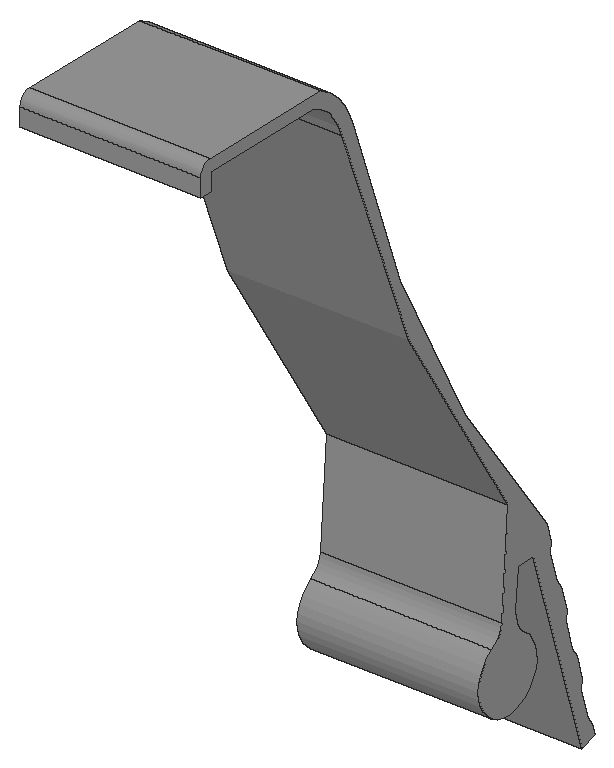
Revit family "Mounting Brackets PPR-05515", category Generic Models, Revit 2017
Family settings
  Can host rebar = No
  Round Connector Dimension = Use Diameter
  Part Type = Normal
  Work Plane-Based = Yes
  Always vertical = No
  Cut with Voids When Loaded = No
  Shared = No
  Room Calculation Point = No
Parameters (values of type "B83-PPR")
  Pendulum Visibility = no
  Pendulum Start = 98.403 mm
  Pendulum Hight [instance] = 250 mm
  PNR-11154 = yes
  Mounting_Material = Aluminum 7175 T73 0 Hot Formed
  Model = "B83-PPR"
  Manufacturer = "Veko Lightsystems"
  Description = "Mounting Brackets"
  Define - Bracket Article Number = "https://www.veko.com/images/documentation/products/profiles/ProfilesEN/Profile_PNR_11154-2.pdf"
  Default Elevation = 1219.2 mm
  Bracket_Width = 15 mm
  Copyright © IVLighting = "www.ivlighting.nl"
  Bracket Article Number = "*User Defined"
  Bolt_Visibility = no
  Bolt_Material = Brass, Soft Yellow, Welded
  Assembly Code = "63.0"
Reference planes
  plane 1 "Center (Front/Back)": y = 0
  plane 2: z = 0
  plane 3 "Center (Left/Right)": x = 0
Forms (mm)
  Extrusion 1, solid, material "Aluminum 7175 T73 0 Hot Formed" <- "Mounting_Material", visible <- "PNR-11154"
    sketch origin (0, 0, -3.531) x (0, 1, 0) y (0, 0, 1)
      loop
        line (8.599, 101.934) -> (-2.831, 101.934)
        arc (-2.831, 101.934) -> (-3.516, 101.651) -> (-3.8, 100.966) r 0.969
        line (-3.8, 100.966) -> (-3.8, 99.473) -> (-2.831, 99.473) -> (-2.831, 100.934) -> (7.898, 100.934)
        arc (7.898, 100.934) -> (9.704, 99.622) -> (10.762, 97.656) r 5.018
        arc (10.762, 97.656) -> (17.725, 79.355) -> (27.991, 62.681) r 104.102
        line (27.991, 62.681) -> (27.316, 54.224)
        arc (27.316, 54.224) -> (27.023, 53.327) -> (26.355, 52.66) r 2.023
        arc (26.355, 52.66) -> (27.835, 47.052) -> (29.677, 52.551) r 3.027
        arc (29.677, 52.551) -> (28.963, 53.402) -> (28.765, 54.495) r 2.167
        line (28.765, 54.495) -> (29.018, 57.667) -> (30.58, 57.667) -> (35.63, 41.261) -> (36.966, 41.672) -> (36.705, 42.617) -> (36.236, 43.276) -> (35.583, 45.642) -> (35.647, 46.447) -> (35.11, 48.395) -> (34.641, 49.053) -> (33.988, 51.419) -> (34.052, 52.224) -> (33.514, 54.172) -> (33.046, 54.83) -> (32.393, 57.196) -> (32.457, 58.001) -> (32.043, 59.501)
        arc (32.043, 59.501) -> (19.929, 77.665) -> (11.919, 97.975) r 102.902
        arc (11.919, 97.975) -> (10.69, 100.316) -> (8.599, 101.934) r 6.218
    from -7.5 to 7.5
  Extrusion 2, solid, visible <- "Pendulum Visibility"
    sketch origin (0, 0, 80.06) x (1, 0, 0) y (0, 1, 0)
      loop
        circle (0, 0) r 1
    from 18.342 to 169.94
Dimensions and locks
  equal spacing: Extrusion 1, plane 3 "Center (Left/Right)", Extrusion 1
  "Bracket_Width": Extrusion 1 to Extrusion 1
  "Pendulum Start": Extrusion 2 to plane 2
  "Pendulum Hight": Extrusion 2 to plane 2
  aligned and locked: level to plane 2
Automatic sketch dimensions
  plane 1 "Center (Front/Back)" to Extrusion 2 sketch curve = 0 mm
  Extrusion 2 sketch curve to plane 3 "Center (Left/Right)" = 0 mm
  Extrusion 1 sketch curve to Extrusion 1 sketch curve = 0 mm  (x9)
  plane 1 "Center (Front/Back)" to Extrusion 1 sketch curve = 3.8 mm
  Extrusion 1 sketch curve to Extrusion 1 sketch curve = 0.969 mm
  Extrusion 1 sketch curve to plane 1 "Center (Front/Back)" = 5.926 mm
  Extrusion 1 sketch curve to Extrusion 1 sketch curve = 1.973 mm
  Extrusion 1 sketch curve to Extrusion 1 sketch curve = 0.701 mm
  Extrusion 1 sketch curve to plane 1 "Center (Front/Back)" = 25.3 mm
  Extrusion 1 sketch curve to Extrusion 1 sketch curve = 2.016 mm
  Extrusion 1 sketch curve to Extrusion 1 sketch curve = 0.617 mm
  Extrusion 1 sketch curve to Extrusion 1 sketch curve = 0.675 mm
  Extrusion 1 sketch curve to Extrusion 1 sketch curve = 1.449 mm
  Extrusion 1 sketch curve to Extrusion 1 sketch curve = 0.253 mm
  Extrusion 1 sketch curve to Extrusion 1 sketch curve = 1.562 mm
  Extrusion 1 sketch curve to Extrusion 1 sketch curve = 2.16 mm
  Extrusion 1 sketch curve to Extrusion 1 sketch curve = 1.463 mm
  Extrusion 1 sketch curve to Extrusion 1 sketch curve = 1.813 mm
  Extrusion 1 sketch curve to Extrusion 1 sketch curve = 0.064 mm  (x3)
  Extrusion 1 sketch curve to Extrusion 1 sketch curve = 2.121 mm
  Extrusion 1 sketch curve to Extrusion 1 sketch curve = 0.468 mm  (x3)
  Extrusion 1 sketch curve to Extrusion 1 sketch curve = 0.473 mm  (x2)
  Extrusion 1 sketch curve to Extrusion 1 sketch curve = 0.653 mm
  Extrusion 1 sketch curve to Extrusion 1 sketch curve = 0.048 mm
  Extrusion 1 sketch curve to Extrusion 1 sketch curve = 0.606 mm
  Extrusion 1 sketch curve to Extrusion 1 sketch curve = 0.261 mm
  Extrusion 1 sketch curve to Extrusion 1 sketch curve = 1 mm
  Extrusion 1 sketch curve to Extrusion 1 sketch curve = 1.461 mm
  Extrusion 1 sketch curve to Extrusion 1 sketch curve = 4.613 mm
  Extrusion 1 sketch curve to Extrusion 1 sketch curve = 33.639 mm
  Extrusion 1 sketch curve to Extrusion 1 sketch curve = 3.18 mm
  Extrusion 1 sketch curve to Extrusion 1 sketch curve = 1.5 mm
  Extrusion 1 sketch curve to Extrusion 1 sketch curve = 0.334 mm
  Extrusion 1 sketch curve to Extrusion 1 sketch curve = 0.805 mm  (x3)
  Extrusion 1 sketch curve to Extrusion 1 sketch curve = 2.366 mm  (x3)
  Extrusion 1 sketch curve to Extrusion 1 sketch curve = 3.172 mm
  Extrusion 1 sketch curve to Extrusion 1 sketch curve = 0.11 mm
  Extrusion 1 sketch curve to Extrusion 1 sketch curve = 0.173 mm
  Extrusion 1 sketch curve to Extrusion 1 sketch curve = 0.271 mm
  Extrusion 1 sketch curve to Extrusion 1 sketch curve = 0.658 mm  (x3)
  Extrusion 1 sketch curve to Extrusion 1 sketch curve = 1.948 mm  (x2)
  Extrusion 1 sketch curve to Extrusion 1 sketch curve = 4.147 mm
  Extrusion 1 sketch curve to Extrusion 1 sketch curve = 0.946 mm
  Extrusion 1 sketch curve to Extrusion 1 sketch curve = 65.857 mm
  level to Extrusion 1 sketch curve = 37.73 mm
  radius of Extrusion 2 sketch curve = 1 mm
